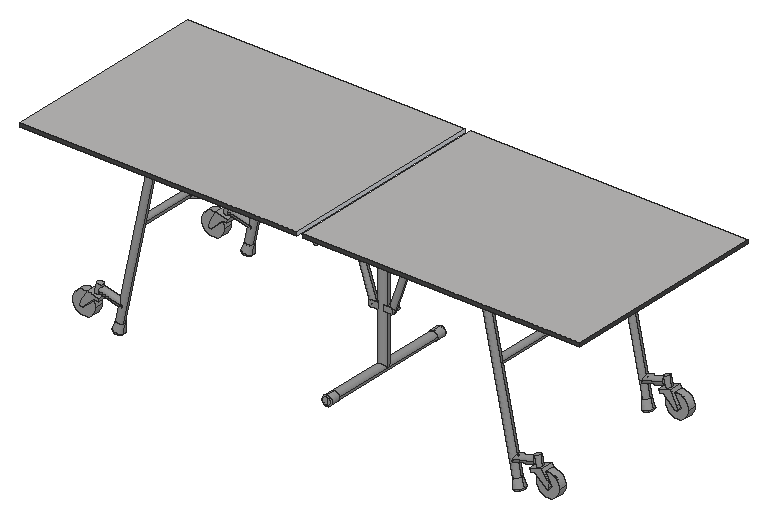
Revit family "23M Rect. 8 Long x 29 High", category Furniture, Revit 2016
Family settings
  OmniClass Number = 23.40.20.00
  OmniClass Title = General Furniture and Specialties
  Work Plane-Based = No
  Always vertical = Yes
  Cut with Voids When Loaded = No
  Shared = No
  Room Calculation Point = No
Parameters (values of type "23M15293608")
  Width = 3' - 0"
  Top [instance] = Palmer Hamilton Lt Gry
  Open [instance] = yes
  Model = "23M15293608"
  Length = 4' - 0"
  Frame [instance] = Palmer Hamilton - Frame
  Edge [instance] = Palmer Hamilton - Edge
  Closed [instance] = not(Open)  # no
Reference planes (in)
  plane 1 "Center Front/Back": y = 0
  plane 2: z = 0
  plane 3 "Center Left/Right": x = 0
  plane 4: x = -63.24988
Forms (in)
  Extrusion 1, solid, material "Palmer Hamilton - Frame" <- "Frame", visible <- "Open"
    sketch origin (0, 0, 0) x (1, 0, 0) y (0, 1, 0)
      loop
        line (-1, 14.5647) -> (-43.00013, 14.5647) -> (-43.00013, 14.4397) -> (-1, 14.4397) -> (-1, 14.5647)
      loop
        line (-1, -14.5647) -> (-1, -14.4397) -> (-43.00013, -14.4397) -> (-43.00013, -14.5647) -> (-1, -14.5647)
      loop
        line (-1, -2.9406) -> (-1, -2.8156) -> (-11.25, -2.8156) -> (-11.25, -2.9406) -> (-1, -2.9406)
      loop
        line (-11.25, 2.6994) -> (-11.25, 2.5744) -> (-1, 2.5744) -> (-1, 2.6994) -> (-11.25, 2.6994)
    from 26.71537 to 28.46537
  Extrusion 2, solid, material "Palmer Hamilton - Frame" <- "Frame", visible <- "Open"
    sketch origin (0, 0, 2.04753) x (1, 0, 0) y (0, 0, 1)
      loop
        line (-1, 25.71687) -> (-1, 26.41783) -> (-2.2141, 26.41783) -> (-2.2141, 24.66783) -> (-1.68301, 24.66783) -> (-0.3125, 23.87657)
        arc (-0.3125, 23.87657) -> (0.54127, 24.10533) -> (0.3125, 24.9591) r 0.625
        line (0.3125, 24.9591) -> (-1, 25.71687)
    from 14.5647 to 14.6547
  Extrusion 3, solid, material "Palmer Hamilton - Frame" <- "Frame", visible <- "Open"
    sketch origin (0, 0, 2.04753) x (1, 0, 0) y (0, 0, 1)
      loop
        line (-1, 25.71687) -> (-1, 26.41783) -> (-2.2141, 26.41783) -> (-2.2141, 24.66783) -> (-1.68301, 24.66783) -> (-0.3125, 23.87657)
        arc (-0.3125, 23.87657) -> (0.54127, 24.10533) -> (0.3125, 24.9591) r 0.625
        line (0.3125, 24.9591) -> (-1, 25.71687)
    from -14.4397 to -14.2345
  Extrusion 4, solid, material "Palmer Hamilton - Frame" <- "Frame", visible <- "Open"
    sketch origin (2.93129, -1.84334, -5.21086) x (0.97817, 0, -0.207805) y (0, 1, 0)
      loop
        circle (-37.61218, -11.99504) r 0.625
    from -0.86945 to 25.54283
  Extrusion 5, solid, material "Palmer Hamilton - Frame" <- "Frame", visible <- "Open"
    sketch origin (-2.24736, -1.84334, -7.59113) x (0.96853, 0, -0.248899) y (0, 1, 0)
      loop
        circle (-37.61218, -11.99504) r 0.5
    from 3.24005 to 4.80312
  Extrusion 6, solid, material "Palmer Hamilton - Frame" <- "Frame", visible <- "Open"
    sketch origin (5.20737, -1.84334, -8.39066) x (0, 1, 0) y (0.248899, 0, 0.96853)
      loop
        circle (-11.99504, 2.93123) r 0.625
    from -44.60154 to -40.56576
  Extrusion 7, solid, material "Palmer Hamilton - Steel", visible <- "Open"
    sketch origin (11.94809, 0, 0) x (1, 0, 0) y (0, 0, 1)
      loop
        line (-52.03289, 3.19045) -> (-52.13109, 2.60323)
        arc (-52.13109, 2.60323) -> (-52.09644, 2.45601) -> (-51.96719, 2.37748) r 0.19565
        line (-51.96719, 2.37748) -> (-51.66391, 2.3319) -> (-49.7575, 4.11073) -> (-49.03037, 4.04579) -> (-48.86921, 4.64752) -> (-50.88816, 5.18826) -> (-52.03289, 3.19045)
    from 12.75797 to 14.81873
  Extrusion 8, solid, material "Palmer Hamilton - Caster", visible <- "Open"
    sketch origin (11.94809, 0, 0) x (1, 0, 0) y (0, 0, 1)
      loop
        circle (-51.73769, 2.82768) r 2
    from 13.19373 to 14.44373
  Revolve 9, solid, material "Palmer Hamilton - Caster", visible <- "Open"
    sketch origin (11.52323, -13.81873, -0.02879) x (1, 0, 0) y (0, 0, 1)
      loop
        line (-45.5482, 1.78014) -> (-46.23778, 1.92672) -> (-46.75081, 0.51718)
        arc (-46.75081, 0.51718) -> (-46.74816, 0.39542) -> (-46.66395, 0.30744) r 0.16803
        line (-46.66395, 0.30744) -> (-45.89593, 0.14419) -> (-45.5482, 1.78014)
      axis (-45.5482, 1.78014) -> (-45.89593, 0.14419)
    angle from 0 to 360
  Extrusion 10, solid, material "Palmer Hamilton - Frame" <- "Frame", visible <- "Open"
    sketch origin (2.93129, 1.84334, -5.21086) x (0.97817, 0, -0.207805) y (0, 1, 0)
      loop
        circle (-37.61218, 11.99504) r 0.625
    from -0.86945 to 25.54283
  Extrusion 11, solid, material "Palmer Hamilton - Frame" <- "Frame", visible <- "Open"
    sketch origin (-2.24736, 1.84334, -7.59113) x (0.96853, 0, -0.248899) y (0, 1, 0)
      loop
        circle (-37.61218, 11.99504) r 0.5
    from 3.24005 to 4.80312
  Extrusion 12, solid, material "Palmer Hamilton - Frame" <- "Frame", visible <- "Open"
    sketch origin (5.20737, 1.84334, -8.39066) x (0, -1, 0) y (-0.248899, 0, -0.96853)
      loop
        circle (-11.99504, -2.93123) r 0.625
    from -44.60154 to -40.56576
  Extrusion 13, solid, material "Palmer Hamilton - Steel", visible <- "Open"
    sketch origin (11.94809, 0, 0) x (1, 0, 0) y (0, 0, -1)
      loop
        line (-52.03289, -3.19045) -> (-50.88816, -5.18826) -> (-48.86921, -4.64752) -> (-49.03037, -4.04579) -> (-49.7575, -4.11073) -> (-51.66391, -2.3319) -> (-51.96719, -2.37748)
        arc (-51.96719, -2.37748) -> (-52.09644, -2.45601) -> (-52.13109, -2.60323) r 0.19565
        line (-52.13109, -2.60323) -> (-52.03289, -3.19045)
    from 12.75797 to 14.81873
  Extrusion 14, solid, material "Palmer Hamilton - Caster", visible <- "Open"
    sketch origin (11.94809, 0, 0) x (1, 0, 0) y (0, 0, -1)
      loop
        circle (-51.73769, -2.82768) r 2
    from 13.19373 to 14.44373
  Revolve 15, solid, material "Palmer Hamilton - Caster", visible <- "Open"
    sketch origin (11.52323, 13.81873, -0.02879) x (1, 0, 0) y (0, 0, -1)
      loop
        line (-45.5482, -1.78014) -> (-45.89593, -0.14419) -> (-46.66395, -0.30744)
        arc (-46.66395, -0.30744) -> (-46.74816, -0.39542) -> (-46.75081, -0.51718) r 0.16803
        line (-46.75081, -0.51718) -> (-46.23778, -1.92672) -> (-45.5482, -1.78014)
      axis (-45.5482, -1.78014) -> (-45.89593, -0.14419)
    angle from 0 to 360
  Extrusion 16, solid, material "Palmer Hamilton - Frame" <- "Frame", visible <- "Open"
    sketch origin (11.94809, 0, 2.04753) x (1, 0, 0) y (0, 0, 1)
      loop
        circle (-42.48052, 16.22033) r 0.625
    from -13.80887 to 13.79175
  Extrusion 17, solid, material "Palmer Hamilton - Frame" <- "Frame", visible <- "Closed"
    sketch origin (0, 0, 18.03017) x (1, 0, 0) y (0, 0, 1)
      loop
        circle (0, 0.81533) r 0.75
    from -10.64625 to 10.58375
  Revolve 18, solid, material "Palmer Hamilton - Caster", visible <- "Closed"
    sketch origin (0, 0, 18.08844) x (0, 1, 0) y (0, 0, 1)
      loop
        arc (-12.1243, 1.60492) -> (-12.21555, 1.56995) -> (-12.25375, 1.48) r 0.125
        line (-12.25375, 1.48) -> (-12.25375, 0.77853) -> (-10.58375, 0.77853) -> (-10.58375, 1.55) -> (-12.1243, 1.60492)
      axis (-10.58375, 0.77853) -> (-12.25375, 0.77853)
    angle from 0 to 360
  Revolve 19, solid, material "Palmer Hamilton - Caster", visible <- "Closed"
    sketch origin (0, 0, 18.08844) x (0, -1, 0) y (0, 0, 1)
      loop
        arc (-12.1243, 1.60492) -> (-12.21555, 1.56995) -> (-12.25375, 1.48) r 0.125
        line (-12.25375, 1.48) -> (-12.25375, 0.77853) -> (-10.58375, 0.77853) -> (-10.58375, 1.55) -> (-12.1243, 1.60492)
      axis (-10.58375, 0.77853) -> (-12.25375, 0.77853)
    angle from 0 to 360
  Extrusion 20, solid, material "Palmer Hamilton - Frame" <- "Frame", visible <- "Open"
    sketch origin (0, 0, 0) x (1, 0, 0) y (0, 1, 0)
      loop
        circle (0, 0) r 0.75
    from 0.78805 to 24.66783
  Extrusion 21, solid, material "Palmer Hamilton - Frame" <- "Frame", visible <- "Closed"
    sketch origin (7.09297, 0, 22.27246) x (0.995141, 0, 0.098456) y (0, 1, 0)
      loop
        circle (-8.10904, 0) r 0.5
    from 6.40638 to 25.54283
  Extrusion 22, solid, material "Palmer Hamilton - Frame" <- "Frame", visible <- "Closed"
    sketch origin (0, 0, 20.13597) x (1, 0, 0) y (0, 0, 1)
      loop
        arc (-1.632, 8.5165) -> (-2.132, 8.0165) -> (-1.632, 7.5165) r 0.5
        line (-1.632, 7.5165) -> (1.632, 7.5165)
        arc (1.632, 7.5165) -> (2.132, 8.0165) -> (1.632, 8.5165) r 0.5
        line (1.632, 8.5165) -> (-1.632, 8.5165)
    from -0.69625 to 0.63375
  Extrusion 23, solid, material "Palmer Hamilton - Frame" <- "Frame", visible <- "Open"
    sketch origin (11.94809, 0, 2.04753) x (1, 0, 0) y (0, 0, 1)
      loop
        arc (-40.07379, 16.44822) -> (-39.75284, 17.07829) -> (-40.38291, 17.39924) r 0.5
        line (-40.38291, 17.39924) -> (-42.23788, 16.7963) -> (-41.9787, 15.82905) -> (-40.07379, 16.44822)
    from 2.89343 to 4.17468
  Sweep 24, solid, material "Palmer Hamilton - Frame" <- "Frame", visible <- "Open"
    path origin (0, -3.5, 2.04753) x (1, 0, 0) y (0, 0, 1)
      loop
        line (-28.55653, 16.82282) -> (-18.87242, 20.66197)
        arc (-18.87242, 20.66197) -> (-18.63769, 20.74394) -> (-18.39697, 20.8062) r 3
        line (-18.39697, 20.8062) -> (0.44697, 24.85469)
    profile origin (-23.71447, -3.5, 20.78993) x (-0.368535, 0, 0.929614) y (0, -1, 0)
      loop
        circle (0.00202, 0) r 0.5
  Extrusion 25, solid, material "Palmer Hamilton - Frame" <- "Frame", visible <- "Open"
    sketch origin (0, 0, 0) x (-1, 0, 0) y (0, -1, 0)
      loop
        circle (0, 0) r 0.75
    from 0.78805 to 24.66783
  Extrusion 26, solid, material "Palmer Hamilton - Frame" <- "Frame", visible <- "Closed"
    sketch origin (29.79093, -1.84334, 2.89408) x (1, 0, -0.000757) y (0, 1, 0)
      loop
        circle (-37.61218, -11.99504) r 0.625
    from -0.86945 to 25.54283
  Extrusion 27, solid, material "Palmer Hamilton - Frame" <- "Frame", visible <- "Closed"
    sketch origin (25.21738, -1.84334, -0.50692) x (0.999077, 0, -0.042956) y (0, 1, 0)
      loop
        circle (-37.61218, -11.99504) r 0.5
    from 3.24005 to 4.80312
  Extrusion 28, solid, material "Palmer Hamilton - Frame" <- "Frame", visible <- "Closed"
    sketch origin (32.67611, -1.84334, 0.25449) x (0, 1, 0) y (0.042956, 0, 0.999077)
      loop
        circle (-11.99504, 2.93123) r 0.625
    from -44.60154 to -40.56576
  Extrusion 29, solid, material "Palmer Hamilton - Steel", visible <- "Closed"
    sketch origin (37.53333, 0, 9.85907) x (0.978327, 0, 0.207064) y (-0.207064, 0, 0.978327)
      loop
        line (-52.03289, 3.19045) -> (-52.13109, 2.60323)
        arc (-52.13109, 2.60323) -> (-52.09644, 2.45601) -> (-51.96719, 2.37748) r 0.19565
        line (-51.96719, 2.37748) -> (-51.66391, 2.3319) -> (-49.7575, 4.11073) -> (-49.03037, 4.04579) -> (-48.86921, 4.64752) -> (-50.88816, 5.18826) -> (-52.03289, 3.19045)
    from 12.75797 to 14.81873
  Extrusion 30, solid, material "Palmer Hamilton - Caster", visible <- "Closed"
    sketch origin (37.53333, 0, 9.85907) x (0.978327, 0, 0.207064) y (-0.207064, 0, 0.978327)
      loop
        circle (-51.73769, 2.82768) r 2
    from 13.19373 to 14.44373
  Revolve 31, solid, material "Palmer Hamilton - Caster", visible <- "Closed"
    sketch origin (37.12364, -13.81873, 9.74293) x (0.978327, 0, 0.207064) y (-0.207064, 0, 0.978327)
      loop
        line (-45.5482, 1.78014) -> (-46.23778, 1.92672) -> (-46.75081, 0.51718)
        arc (-46.75081, 0.51718) -> (-46.74816, 0.39542) -> (-46.66395, 0.30744) r 0.16803
        line (-46.66395, 0.30744) -> (-45.89593, 0.14419) -> (-45.5482, 1.78014)
      axis (-45.5482, 1.78014) -> (-45.89593, 0.14419)
    angle from 0 to 360
  Extrusion 32, solid, material "Palmer Hamilton - Frame" <- "Frame", visible <- "Closed"
    sketch origin (29.79093, 1.84334, 2.89408) x (1, 0, -0.000757) y (0, 1, 0)
      loop
        circle (-37.61218, 11.99504) r 0.625
    from -0.86945 to 25.54283
  Extrusion 33, solid, material "Palmer Hamilton - Frame" <- "Frame", visible <- "Closed"
    sketch origin (25.21738, 1.84334, -0.50692) x (0.999077, 0, -0.042956) y (0, 1, 0)
      loop
        circle (-37.61218, 11.99504) r 0.5
    from 3.24005 to 4.80312
  Extrusion 34, solid, material "Palmer Hamilton - Frame" <- "Frame", visible <- "Closed"
    sketch origin (32.67611, 1.84334, 0.25449) x (0, -1, 0) y (-0.042956, 0, -0.999077)
      loop
        circle (-11.99504, -2.93123) r 0.625
    from -44.60154 to -40.56576
  Extrusion 35, solid, material "Palmer Hamilton - Steel", visible <- "Closed"
    sketch origin (37.53333, 0, 9.85907) x (0.978327, 0, 0.207064) y (0.207064, 0, -0.978327)
      loop
        line (-52.03289, -3.19045) -> (-50.88816, -5.18826) -> (-48.86921, -4.64752) -> (-49.03037, -4.04579) -> (-49.7575, -4.11073) -> (-51.66391, -2.3319) -> (-51.96719, -2.37748)
        arc (-51.96719, -2.37748) -> (-52.09644, -2.45601) -> (-52.13109, -2.60323) r 0.19565
        line (-52.13109, -2.60323) -> (-52.03289, -3.19045)
    from 12.75797 to 14.81873
  Extrusion 36, solid, material "Palmer Hamilton - Caster", visible <- "Closed"
    sketch origin (37.53333, 0, 9.85907) x (0.978327, 0, 0.207064) y (0.207064, 0, -0.978327)
      loop
        circle (-51.73769, -2.82768) r 2
    from 13.19373 to 14.44373
  Revolve 37, solid, material "Palmer Hamilton - Caster", visible <- "Closed"
    sketch origin (37.12364, 13.81873, 9.74293) x (0.978327, 0, 0.207064) y (0.207064, 0, -0.978327)
      loop
        line (-45.5482, -1.78014) -> (-45.89593, -0.14419) -> (-46.66395, -0.30744)
        arc (-46.66395, -0.30744) -> (-46.74816, -0.39542) -> (-46.75081, -0.51718) r 0.16803
        line (-46.75081, -0.51718) -> (-46.23778, -1.92672) -> (-45.5482, -1.78014)
      axis (-45.5482, -1.78014) -> (-45.89593, -0.14419)
    angle from 0 to 360
  Extrusion 38, solid, material "Palmer Hamilton - Frame" <- "Frame", visible <- "Closed"
    sketch origin (37.10936, 0, 11.86222) x (0.978327, 0, 0.207064) y (-0.207064, 0, 0.978327)
      loop
        circle (-42.48052, 16.22033) r 0.625
    from -13.80887 to 13.79175
  Extrusion 39, solid, material "Palmer Hamilton - Frame" <- "Frame", visible <- "Closed"
    sketch origin (37.10936, 0, 11.86222) x (0.978327, 0, 0.207064) y (-0.207064, 0, 0.978327)
      loop
        arc (-40.07379, 16.44822) -> (-39.75284, 17.07829) -> (-40.38291, 17.39924) r 0.5
        line (-40.38291, 17.39924) -> (-42.23788, 16.7963) -> (-41.9787, 15.82905) -> (-40.07379, 16.44822)
    from 2.89343 to 4.17468
  Sweep 40, solid, material "Palmer Hamilton - Frame" <- "Frame", visible <- "Closed"
    path origin (0, 0, 0) x (1, 0, 0) y (0, 0, 1)
      loop
        line (-5.79863, 19.74471) -> (-4.54144, 30.08591)
        arc (-4.54144, 30.08591) -> (-4.50123, 30.33128) -> (-4.44084, 30.57247) r 3
        line (-4.44084, 30.57247) -> (2.06513, 52.63312)
    profile origin (-5.17003, 0, 24.91531) x (-0.992691, 0, 0.120682) y (0, -1, 0)
      loop
        circle (0, 3.5) r 0.5
  Extrusion 41, solid, material "Palmer Hamilton - Frame" <- "Frame", visible <- "Open"
    sketch origin (0, 0, -0.06533) x (1, 0, 0) y (0, 0, 1)
      loop
        circle (0, 0.81533) r 0.75
    from -10.64625 to 10.58375
  Revolve 42, solid, material "Palmer Hamilton - Caster", visible <- "Open"
    sketch origin (0, 0, -0.00706) x (0, 1, 0) y (0, 0, 1)
      loop
        arc (-12.1243, 1.60492) -> (-12.21555, 1.56995) -> (-12.25375, 1.48) r 0.125
        line (-12.25375, 1.48) -> (-12.25375, 0.77853) -> (-10.58375, 0.77853) -> (-10.58375, 1.55) -> (-12.1243, 1.60492)
      axis (-10.58375, 0.77853) -> (-12.25375, 0.77853)
    angle from 0 to 360
  Revolve 43, solid, material "Palmer Hamilton - Caster", visible <- "Open"
    sketch origin (0, 0, -0.00706) x (0, -1, 0) y (0, 0, 1)
      loop
        arc (-12.1243, 1.60492) -> (-12.21555, 1.56995) -> (-12.25375, 1.48) r 0.125
        line (-12.25375, 1.48) -> (-12.25375, 0.77853) -> (-10.58375, 0.77853) -> (-10.58375, 1.55) -> (-12.1243, 1.60492)
      axis (-10.58375, 0.77853) -> (-12.25375, 0.77853)
    angle from 0 to 360
  Extrusion 44, solid, material "Palmer Hamilton - Frame" <- "Frame", visible <- "Closed"
    sketch origin (0, 0, 0) x (-1, 0, 0) y (0, -1, 0)
      loop
        circle (0, 0) r 0.75
    from 18.94425 to 56.25493
  Extrusion 45, solid, material "Palmer Hamilton - Frame" <- "Frame", visible <- "Open"
    sketch origin (8.19994, 0, 6.27486) x (0.948028, 0, 0.318187) y (0, 1, 0)
      loop
        circle (-8.10904, 0) r 0.5
    from 6.40638 to 25.54283
  Extrusion 46, solid, material "Palmer Hamilton - Frame" <- "Frame", visible <- "Open"
    sketch origin (0, 0, 2.04048) x (1, 0, 0) y (0, 0, 1)
      loop
        arc (-1.632, 8.5165) -> (-2.132, 8.0165) -> (-1.632, 7.5165) r 0.5
        line (-1.632, 7.5165) -> (1.632, 7.5165)
        arc (1.632, 7.5165) -> (2.132, 8.0165) -> (1.632, 8.5165) r 0.5
        line (1.632, 8.5165) -> (-1.632, 8.5165)
    from -0.69625 to 0.63375
  Extrusion 47, solid, visible <- "Open"
    sketch origin (0, 0, 0) x (1, 0, 0) y (0, 1, 0)
      loop
        line (-48, 18) -> (-48, -18) -> (-0.5, -18) -> (-0.5, 18) -> (-48, 18)
    from 28.46537 to 29.125
  Extrusion 48, solid, material "Palmer Hamilton - Frame" <- "Frame", visible <- "Closed"
    sketch origin (25.73601, 0, 49.40681) x (0.235142, 0, 0.971961) y (0, 1, 0)
      loop
        line (-1, 14.5647) -> (-43.00013, 14.5647) -> (-43.00013, 14.4397) -> (-1, 14.4397) -> (-1, 14.5647)
      loop
        line (-1, -14.5647) -> (-1, -14.4397) -> (-43.00013, -14.4397) -> (-43.00013, -14.5647) -> (-1, -14.5647)
      loop
        line (-1, -2.9406) -> (-1, -2.8156) -> (-11.25, -2.8156) -> (-11.25, -2.9406) -> (-1, -2.9406)
      loop
        line (-11.25, 2.6994) -> (-11.25, 2.5744) -> (-1, 2.5744) -> (-1, 2.6994) -> (-11.25, 2.6994)
    from 26.71537 to 28.46537
  Extrusion 49, solid, material "Palmer Hamilton - Frame" <- "Frame", visible <- "Closed"
    sketch origin (23.74589, 0, 49.88827) x (0.235142, 0, 0.971961) y (-0.971961, 0, 0.235142)
      loop
        line (-1, 25.71687) -> (-1, 26.41783) -> (-2.2141, 26.41783) -> (-2.2141, 24.66783) -> (-1.68301, 24.66783) -> (-0.3125, 23.87657)
        arc (-0.3125, 23.87657) -> (0.54127, 24.10533) -> (0.3125, 24.9591) r 0.625
        line (0.3125, 24.9591) -> (-1, 25.71687)
    from 14.5647 to 14.6547
  Extrusion 50, solid, material "Palmer Hamilton - Frame" <- "Frame", visible <- "Closed"
    sketch origin (23.74589, 0, 49.88827) x (0.235142, 0, 0.971961) y (-0.971961, 0, 0.235142)
      loop
        line (-1, 25.71687) -> (-1, 26.41783) -> (-2.2141, 26.41783) -> (-2.2141, 24.66783) -> (-1.68301, 24.66783) -> (-0.3125, 23.87657)
        arc (-0.3125, 23.87657) -> (0.54127, 24.10533) -> (0.3125, 24.9591) r 0.625
        line (0.3125, 24.9591) -> (-1, 25.71687)
    from -14.4397 to -14.2345
  Extrusion 51, solid, visible <- "Closed"
    sketch origin (25.73601, 0, 49.40681) x (0.235142, 0, 0.971961) y (0, 1, 0)
      loop
        line (-47, 18) -> (-47, -18) -> (-0.5, -18) -> (-0.5, 18) -> (-47, 18)
    from 28.46537 to 29.125
  Extrusion 52, solid, material "Palmer Hamilton - Frame" <- "Frame", visible <- "Open"
    sketch origin (0, 0, 0) x (-1, 0, 0) y (0, -1, 0)
      loop
        line (-1, 14.5647) -> (-43.00013, 14.5647) -> (-43.00013, 14.4397) -> (-1, 14.4397) -> (-1, 14.5647)
      loop
        line (-1, -14.5647) -> (-1, -14.4397) -> (-43.00013, -14.4397) -> (-43.00013, -14.5647) -> (-1, -14.5647)
      loop
        line (-1, -2.9406) -> (-1, -2.8156) -> (-11.25, -2.8156) -> (-11.25, -2.9406) -> (-1, -2.9406)
      loop
        line (-11.25, 2.6994) -> (-11.25, 2.5744) -> (-1, 2.5744) -> (-1, 2.6994) -> (-11.25, 2.6994)
    from 26.71537 to 28.46537
  Extrusion 53, solid, material "Palmer Hamilton - Frame" <- "Frame", visible <- "Open"
    sketch origin (0, 0, 2.04753) x (-1, 0, 0) y (0, 0, 1)
      loop
        line (-1, 25.71687) -> (-1, 26.41783) -> (-2.2141, 26.41783) -> (-2.2141, 24.66783) -> (-1.68301, 24.66783) -> (-0.3125, 23.87657)
        arc (-0.3125, 23.87657) -> (0.54127, 24.10533) -> (0.3125, 24.9591) r 0.625
        line (0.3125, 24.9591) -> (-1, 25.71687)
    from 14.5647 to 14.6547
  Extrusion 54, solid, material "Palmer Hamilton - Frame" <- "Frame", visible <- "Open"
    sketch origin (0, 0, 2.04753) x (-1, 0, 0) y (0, 0, 1)
      loop
        line (-1, 25.71687) -> (-1, 26.41783) -> (-2.2141, 26.41783) -> (-2.2141, 24.66783) -> (-1.68301, 24.66783) -> (-0.3125, 23.87657)
        arc (-0.3125, 23.87657) -> (0.54127, 24.10533) -> (0.3125, 24.9591) r 0.625
        line (0.3125, 24.9591) -> (-1, 25.71687)
    from -14.4397 to -14.2345
  Extrusion 55, solid, material "Palmer Hamilton - Frame" <- "Frame", visible <- "Open"
    sketch origin (-2.93129, 1.84334, -5.21086) x (-0.97817, 0, -0.207805) y (0, -1, 0)
      loop
        circle (-37.61218, -11.99504) r 0.625
    from -0.86945 to 25.54283
  Extrusion 56, solid, material "Palmer Hamilton - Frame" <- "Frame", visible <- "Open"
    sketch origin (2.24736, 1.84334, -7.59113) x (-0.96853, 0, -0.248899) y (0, -1, 0)
      loop
        circle (-37.61218, -11.99504) r 0.5
    from 3.24005 to 4.80312
  Extrusion 57, solid, material "Palmer Hamilton - Frame" <- "Frame", visible <- "Open"
    sketch origin (-5.20737, 1.84334, -8.39066) x (0, -1, 0) y (-0.248899, 0, 0.96853)
      loop
        circle (-11.99504, 2.93123) r 0.625
    from -44.60154 to -40.56576
  Extrusion 58, solid, material "Palmer Hamilton - Steel", visible <- "Open"
    sketch origin (-11.94809, 0, 0) x (-1, 0, 0) y (0, 0, 1)
      loop
        line (-52.03289, 3.19045) -> (-52.13109, 2.60323)
        arc (-52.13109, 2.60323) -> (-52.09644, 2.45601) -> (-51.96719, 2.37748) r 0.19565
        line (-51.96719, 2.37748) -> (-51.66391, 2.3319) -> (-49.7575, 4.11073) -> (-49.03037, 4.04579) -> (-48.86921, 4.64752) -> (-50.88816, 5.18826) -> (-52.03289, 3.19045)
    from 12.75797 to 14.81873
  Extrusion 59, solid, material "Palmer Hamilton - Caster", visible <- "Open"
    sketch origin (-11.94809, 0, 0) x (-1, 0, 0) y (0, 0, 1)
      loop
        circle (-51.73769, 2.82768) r 2
    from 13.19373 to 14.44373
  Revolve 60, solid, material "Palmer Hamilton - Caster", visible <- "Open"
    sketch origin (-11.52323, 13.81873, -0.02879) x (-1, 0, 0) y (0, 0, 1)
      loop
        line (-45.5482, 1.78014) -> (-46.23778, 1.92672) -> (-46.75081, 0.51718)
        arc (-46.75081, 0.51718) -> (-46.74816, 0.39542) -> (-46.66395, 0.30744) r 0.16803
        line (-46.66395, 0.30744) -> (-45.89593, 0.14419) -> (-45.5482, 1.78014)
      axis (-45.5482, 1.78014) -> (-45.89593, 0.14419)
    angle from 0 to 360
  Extrusion 61, solid, material "Palmer Hamilton - Frame" <- "Frame", visible <- "Open"
    sketch origin (-2.93129, -1.84334, -5.21086) x (-0.97817, 0, -0.207805) y (0, -1, 0)
      loop
        circle (-37.61218, 11.99504) r 0.625
    from -0.86945 to 25.54283
  Extrusion 62, solid, material "Palmer Hamilton - Frame" <- "Frame", visible <- "Open"
    sketch origin (2.24736, -1.84334, -7.59113) x (-0.96853, 0, -0.248899) y (0, -1, 0)
      loop
        circle (-37.61218, 11.99504) r 0.5
    from 3.24005 to 4.80312
  Extrusion 63, solid, material "Palmer Hamilton - Frame" <- "Frame", visible <- "Open"
    sketch origin (-5.20737, -1.84334, -8.39066) x (0, 1, 0) y (0.248899, 0, -0.96853)
      loop
        circle (-11.99504, -2.93123) r 0.625
    from -44.60154 to -40.56576
  Extrusion 64, solid, material "Palmer Hamilton - Steel", visible <- "Open"
    sketch origin (-11.94809, 0, 0) x (-1, 0, 0) y (0, 0, -1)
      loop
        line (-52.03289, -3.19045) -> (-50.88816, -5.18826) -> (-48.86921, -4.64752) -> (-49.03037, -4.04579) -> (-49.7575, -4.11073) -> (-51.66391, -2.3319) -> (-51.96719, -2.37748)
        arc (-51.96719, -2.37748) -> (-52.09644, -2.45601) -> (-52.13109, -2.60323) r 0.19565
        line (-52.13109, -2.60323) -> (-52.03289, -3.19045)
    from 12.75797 to 14.81873
  Extrusion 65, solid, material "Palmer Hamilton - Caster", visible <- "Open"
    sketch origin (-11.94809, 0, 0) x (-1, 0, 0) y (0, 0, -1)
      loop
        circle (-51.73769, -2.82768) r 2
    from 13.19373 to 14.44373
  Revolve 66, solid, material "Palmer Hamilton - Caster", visible <- "Open"
    sketch origin (-11.52323, -13.81873, -0.02879) x (-1, 0, 0) y (0, 0, -1)
      loop
        line (-45.5482, -1.78014) -> (-45.89593, -0.14419) -> (-46.66395, -0.30744)
        arc (-46.66395, -0.30744) -> (-46.74816, -0.39542) -> (-46.75081, -0.51718) r 0.16803
        line (-46.75081, -0.51718) -> (-46.23778, -1.92672) -> (-45.5482, -1.78014)
      axis (-45.5482, -1.78014) -> (-45.89593, -0.14419)
    angle from 0 to 360
  Extrusion 67, solid, material "Palmer Hamilton - Frame" <- "Frame", visible <- "Open"
    sketch origin (-11.94809, 0, 2.04753) x (-1, 0, 0) y (0, 0, 1)
      loop
        circle (-42.48052, 16.22033) r 0.625
    from -13.80887 to 13.79175
  Extrusion 68, solid, material "Palmer Hamilton - Frame" <- "Frame", visible <- "Closed"
    sketch origin (-7.09297, 0, 22.27246) x (-0.995141, 0, 0.098456) y (0, -1, 0)
      loop
        circle (-8.10904, 0) r 0.5
    from 6.40638 to 25.54283
  Extrusion 69, solid, material "Palmer Hamilton - Frame" <- "Frame", visible <- "Open"
    sketch origin (-11.94809, 0, 2.04753) x (-1, 0, 0) y (0, 0, 1)
      loop
        arc (-40.07379, 16.44822) -> (-39.75284, 17.07829) -> (-40.38291, 17.39924) r 0.5
        line (-40.38291, 17.39924) -> (-42.23788, 16.7963) -> (-41.9787, 15.82905) -> (-40.07379, 16.44822)
    from 2.89343 to 4.17468
  Sweep 70, solid, material "Palmer Hamilton - Frame" <- "Frame", visible <- "Open"
    path origin (0, 3.5, 2.04753) x (-1, 0, 0) y (0, 0, 1)
      loop
        line (-28.55653, 16.82282) -> (-18.87242, 20.66197)
        arc (-18.87242, 20.66197) -> (-18.63769, 20.74394) -> (-18.39697, 20.8062) r 3
        line (-18.39697, 20.8062) -> (0.44697, 24.85469)
    profile origin (23.71447, 3.5, 20.78993) x (0.368535, 0, 0.929614) y (0, 1, 0)
      loop
        circle (0.00202, 0) r 0.5
  Extrusion 71, solid, material "Palmer Hamilton - Frame" <- "Frame", visible <- "Closed"
    sketch origin (-29.79093, 1.84334, 2.89408) x (-1, 0, -0.000757) y (0, -1, 0)
      loop
        circle (-37.61218, -11.99504) r 0.625
    from -0.86945 to 25.54283
  Extrusion 72, solid, material "Palmer Hamilton - Frame" <- "Frame", visible <- "Closed"
    sketch origin (-25.21738, 1.84334, -0.50692) x (-0.999077, 0, -0.042956) y (0, -1, 0)
      loop
        circle (-37.61218, -11.99504) r 0.5
    from 3.24005 to 4.80312
  Extrusion 73, solid, material "Palmer Hamilton - Frame" <- "Frame", visible <- "Closed"
    sketch origin (-32.67611, 1.84334, 0.25449) x (0, -1, 0) y (-0.042956, 0, 0.999077)
      loop
        circle (-11.99504, 2.93123) r 0.625
    from -44.60154 to -40.56576
  Extrusion 74, solid, material "Palmer Hamilton - Steel", visible <- "Closed"
    sketch origin (-37.53333, 0, 9.85907) x (-0.978327, 0, 0.207064) y (0.207064, 0, 0.978327)
      loop
        line (-52.03289, 3.19045) -> (-52.13109, 2.60323)
        arc (-52.13109, 2.60323) -> (-52.09644, 2.45601) -> (-51.96719, 2.37748) r 0.19565
        line (-51.96719, 2.37748) -> (-51.66391, 2.3319) -> (-49.7575, 4.11073) -> (-49.03037, 4.04579) -> (-48.86921, 4.64752) -> (-50.88816, 5.18826) -> (-52.03289, 3.19045)
    from 12.75797 to 14.81873
  Extrusion 75, solid, material "Palmer Hamilton - Caster", visible <- "Closed"
    sketch origin (-37.53333, 0, 9.85907) x (-0.978327, 0, 0.207064) y (0.207064, 0, 0.978327)
      loop
        circle (-51.73769, 2.82768) r 2
    from 13.19373 to 14.44373
  Revolve 76, solid, material "Palmer Hamilton - Caster", visible <- "Closed"
    sketch origin (-37.12364, 13.81873, 9.74293) x (-0.978327, 0, 0.207064) y (0.207064, 0, 0.978327)
      loop
        line (-45.5482, 1.78014) -> (-46.23778, 1.92672) -> (-46.75081, 0.51718)
        arc (-46.75081, 0.51718) -> (-46.74816, 0.39542) -> (-46.66395, 0.30744) r 0.16803
        line (-46.66395, 0.30744) -> (-45.89593, 0.14419) -> (-45.5482, 1.78014)
      axis (-45.5482, 1.78014) -> (-45.89593, 0.14419)
    angle from 0 to 360
  Extrusion 77, solid, material "Palmer Hamilton - Frame" <- "Frame", visible <- "Closed"
    sketch origin (-29.79093, -1.84334, 2.89408) x (-1, 0, -0.000757) y (0, -1, 0)
      loop
        circle (-37.61218, 11.99504) r 0.625
    from -0.86945 to 25.54283
  Extrusion 78, solid, material "Palmer Hamilton - Frame" <- "Frame", visible <- "Closed"
    sketch origin (-25.21738, -1.84334, -0.50692) x (-0.999077, 0, -0.042956) y (0, -1, 0)
      loop
        circle (-37.61218, 11.99504) r 0.5
    from 3.24005 to 4.80312
  Extrusion 79, solid, material "Palmer Hamilton - Frame" <- "Frame", visible <- "Closed"
    sketch origin (-32.67611, -1.84334, 0.25449) x (0, 1, 0) y (0.042956, 0, -0.999077)
      loop
        circle (-11.99504, -2.93123) r 0.625
    from -44.60154 to -40.56576
  Extrusion 80, solid, material "Palmer Hamilton - Steel", visible <- "Closed"
    sketch origin (-37.53333, 0, 9.85907) x (-0.978327, 0, 0.207064) y (-0.207064, 0, -0.978327)
      loop
        line (-52.03289, -3.19045) -> (-50.88816, -5.18826) -> (-48.86921, -4.64752) -> (-49.03037, -4.04579) -> (-49.7575, -4.11073) -> (-51.66391, -2.3319) -> (-51.96719, -2.37748)
        arc (-51.96719, -2.37748) -> (-52.09644, -2.45601) -> (-52.13109, -2.60323) r 0.19565
        line (-52.13109, -2.60323) -> (-52.03289, -3.19045)
    from 12.75797 to 14.81873
  Extrusion 81, solid, material "Palmer Hamilton - Caster", visible <- "Closed"
    sketch origin (-37.53333, 0, 9.85907) x (-0.978327, 0, 0.207064) y (-0.207064, 0, -0.978327)
      loop
        circle (-51.73769, -2.82768) r 2
    from 13.19373 to 14.44373
  Revolve 82, solid, material "Palmer Hamilton - Caster", visible <- "Closed"
    sketch origin (-37.12364, -13.81873, 9.74293) x (-0.978327, 0, 0.207064) y (-0.207064, 0, -0.978327)
      loop
        line (-45.5482, -1.78014) -> (-45.89593, -0.14419) -> (-46.66395, -0.30744)
        arc (-46.66395, -0.30744) -> (-46.74816, -0.39542) -> (-46.75081, -0.51718) r 0.16803
        line (-46.75081, -0.51718) -> (-46.23778, -1.92672) -> (-45.5482, -1.78014)
      axis (-45.5482, -1.78014) -> (-45.89593, -0.14419)
    angle from 0 to 360
  Extrusion 83, solid, material "Palmer Hamilton - Frame" <- "Frame", visible <- "Closed"
    sketch origin (-37.10936, 0, 11.86222) x (-0.978327, 0, 0.207064) y (0.207064, 0, 0.978327)
      loop
        circle (-42.48052, 16.22033) r 0.625
    from -13.80887 to 13.79175
  Extrusion 84, solid, material "Palmer Hamilton - Frame" <- "Frame", visible <- "Closed"
    sketch origin (-37.10936, 0, 11.86222) x (-0.978327, 0, 0.207064) y (0.207064, 0, 0.978327)
      loop
        arc (-40.07379, 16.44822) -> (-39.75284, 17.07829) -> (-40.38291, 17.39924) r 0.5
        line (-40.38291, 17.39924) -> (-42.23788, 16.7963) -> (-41.9787, 15.82905) -> (-40.07379, 16.44822)
    from 2.89343 to 4.17468
  Extrusion 85, solid, material "Palmer Hamilton - Frame" <- "Frame", visible <- "Open"
    sketch origin (-8.19994, 0, 6.27486) x (-0.948028, 0, 0.318187) y (0, -1, 0)
      loop
        circle (-8.10904, 0) r 0.5
    from 6.40638 to 25.54283
  Extrusion 86, solid, visible <- "Open"
    sketch origin (0, 0, 0) x (-1, 0, 0) y (0, -1, 0)
      loop
        line (-48, 18) -> (-48, -18) -> (-0.5, -18) -> (-0.5, 18) -> (-48, 18)
    from 28.46537 to 29.125
  Extrusion 87, solid, material "Palmer Hamilton - Frame" <- "Frame", visible <- "Closed"
    sketch origin (-25.73601, 0, 49.40681) x (-0.235142, 0, 0.971961) y (0, -1, 0)
      loop
        line (-1, 14.5647) -> (-43.00013, 14.5647) -> (-43.00013, 14.4397) -> (-1, 14.4397) -> (-1, 14.5647)
      loop
        line (-1, -14.5647) -> (-1, -14.4397) -> (-43.00013, -14.4397) -> (-43.00013, -14.5647) -> (-1, -14.5647)
      loop
        line (-1, -2.9406) -> (-1, -2.8156) -> (-11.25, -2.8156) -> (-11.25, -2.9406) -> (-1, -2.9406)
      loop
        line (-11.25, 2.6994) -> (-11.25, 2.5744) -> (-1, 2.5744) -> (-1, 2.6994) -> (-11.25, 2.6994)
    from 26.71537 to 28.46537
  Extrusion 88, solid, material "Palmer Hamilton - Frame" <- "Frame", visible <- "Closed"
    sketch origin (-23.74589, 0, 49.88827) x (-0.235142, 0, 0.971961) y (0.971961, 0, 0.235142)
      loop
        line (-1, 25.71687) -> (-1, 26.41783) -> (-2.2141, 26.41783) -> (-2.2141, 24.66783) -> (-1.68301, 24.66783) -> (-0.3125, 23.87657)
        arc (-0.3125, 23.87657) -> (0.54127, 24.10533) -> (0.3125, 24.9591) r 0.625
        line (0.3125, 24.9591) -> (-1, 25.71687)
    from 14.5647 to 14.6547
  Extrusion 89, solid, material "Palmer Hamilton - Frame" <- "Frame", visible <- "Closed"
    sketch origin (-23.74589, 0, 49.88827) x (-0.235142, 0, 0.971961) y (0.971961, 0, 0.235142)
      loop
        line (-1, 25.71687) -> (-1, 26.41783) -> (-2.2141, 26.41783) -> (-2.2141, 24.66783) -> (-1.68301, 24.66783) -> (-0.3125, 23.87657)
        arc (-0.3125, 23.87657) -> (0.54127, 24.10533) -> (0.3125, 24.9591) r 0.625
        line (0.3125, 24.9591) -> (-1, 25.71687)
    from -14.4397 to -14.2345
  Extrusion 90, solid, visible <- "Closed"
    sketch origin (-25.73601, 0, 49.40681) x (-0.235142, 0, 0.971961) y (0, -1, 0)
      loop
        line (-47, 18) -> (-47, -18) -> (-0.5, -18) -> (-0.5, 18) -> (-47, 18)
    from 28.46537 to 29.125
Lines and regions (in)
  reference lines
    curve 1: line (-10.88254, 0, -14.61774) -> (-10.35088, 0, -14.74636)
    curve 2: line (-10.35088, 0, -14.74636) -> (-10.5524, 0, -14.41622)
    curve 3: line (-10.5524, 0, -14.41622) -> (-10.68102, 0, -14.94788)
Dimensions and locks (in)
  equal spacing: Extrusion 47 sketch curve, plane 1 "Center Front/Back", Extrusion 47 sketch curve
  "Width": Extrusion 47 sketch curve to Extrusion 47 sketch curve
  "Length": Extrusion 47 sketch curve to plane 3 "Center Left/Right"
  Extrusion 51 sketch curve to Extrusion 51 sketch curve = 3' - 0"
  "Width": Extrusion 51 sketch curve to Extrusion 51 sketch curve
  equal spacing: Extrusion 51 sketch curve, plane 1 "Center Front/Back", Extrusion 51 sketch curve
  "Width": Extrusion 86 sketch curve to Extrusion 86 sketch curve
  "Width": Extrusion 90 sketch curve to Extrusion 90 sketch curve
  equal spacing: Extrusion 86 sketch curve, plane 1 "Center Front/Back", Extrusion 86 sketch curve
  "Length": plane 3 "Center Left/Right" to Extrusion 86 sketch curve
  equal spacing: Extrusion 90 sketch curve, plane 1 "Center Front/Back", Extrusion 90 sketch curve
  aligned and locked: level to plane 2
  aligned and locked: Extrusion 47 to Extrusion 1
  aligned and locked: Extrusion 51 to Extrusion 48
  aligned and locked: Extrusion 86 to Extrusion 52
  aligned and locked: Extrusion 87 to Extrusion 90
Automatic sketch dimensions
  plane 4 to Extrusion 1 sketch curve = 1' - 8.24975"  (x2)
  plane 1 "Center Front/Back" to Extrusion 1 sketch curve = 0' - 2.8156"
  Extrusion 1 sketch curve to plane 3 "Center Left/Right" = 0' - 11 1/4"
  Extrusion 1 sketch curve to plane 1 "Center Front/Back" = 0' - 2.6994"
  Extrusion 1 sketch curve to Extrusion 1 sketch curve = 0' - 0"
  Extrusion 1 sketch curve to plane 3 "Center Left/Right" = 0' - 1"  (x4)
  Extrusion 1 sketch curve to Extrusion 1 sketch curve = 0' - 0 1/8"  (x4)
  plane 1 "Center Front/Back" to Extrusion 1 sketch curve = 1' - 2.4397"
  Extrusion 1 sketch curve to Extrusion 1 sketch curve = 0' - 11.7403"
  Extrusion 2 sketch curve to plane 3 "Center Left/Right" = 0' - 0"
  Extrusion 2 sketch curve to plane 3 "Center Left/Right" = 0' - 0 5/16"
  Extrusion 2 sketch curve to plane 3 "Center Left/Right" = 0' - 1"
  Extrusion 2 sketch curve to Extrusion 2 sketch curve = 0' - 0.68301"
  Extrusion 2 sketch curve to Extrusion 2 sketch curve = 0' - 1.2141"
  plane 3 "Center Left/Right" to Extrusion 2 sketch curve = 0' - 0 5/16"
  level to Extrusion 2 sketch curve = 2' - 1.9241"
  Extrusion 2 sketch curve to Extrusion 2 sketch curve = 0' - 0.54127"
  Extrusion 2 sketch curve to Extrusion 2 sketch curve = 0' - 0.79127"
  Extrusion 2 sketch curve to Extrusion 2 sketch curve = 0' - 1.04904"
  Extrusion 2 sketch curve to Extrusion 2 sketch curve = 0' - 0.70096"
  Extrusion 3 sketch curve to plane 3 "Center Left/Right" = 0' - 0"
  Extrusion 3 sketch curve to plane 3 "Center Left/Right" = 0' - 0 5/16"
  Extrusion 3 sketch curve to plane 3 "Center Left/Right" = 0' - 1"
  Extrusion 3 sketch curve to Extrusion 3 sketch curve = 0' - 0.68301"
  Extrusion 3 sketch curve to Extrusion 3 sketch curve = 0' - 1.2141"
  plane 3 "Center Left/Right" to Extrusion 3 sketch curve = 0' - 0 5/16"
  level to Extrusion 3 sketch curve = 2' - 1.9241"
  Extrusion 3 sketch curve to Extrusion 3 sketch curve = 0' - 0.54127"
  Extrusion 3 sketch curve to Extrusion 3 sketch curve = 0' - 0.79127"
  Extrusion 3 sketch curve to Extrusion 3 sketch curve = 0' - 1.04904"
  Extrusion 3 sketch curve to Extrusion 3 sketch curve = 0' - 0.70096"
  curve 2 to plane 3 "Center Left/Right" = 0' - 10.5524"
  curve 2 to curve 2 = 0' - 0.20152"
  curve 2 to level = 1' - 2.74636"
  curve 1 to curve 3 = 0' - 0.33014"
  curve 3 to curve 1 = 0' - 0.33014"  (x2)
  curve 1 to curve 3 = 0' - 0.20152"
  curve 3 to curve 1 = 0' - 0.20152"
  plane 1 "Center Front/Back" to Extrusion 4 sketch curve = 1' - 1.83838"
  plane 1 "Center Front/Back" to Extrusion 5 sketch curve = 1' - 1.83838"
  plane 1 "Center Front/Back" to Extrusion 6 sketch curve = 1' - 1.83838"
  level to Extrusion 7 sketch curve = 0' - 2.60323"
  plane 4 to Extrusion 7 sketch curve = 1' - 11.06688"
  level to Extrusion 7 sketch curve = 0' - 3.19045"
  Extrusion 7 sketch curve to Extrusion 7 sketch curve = 0' - 0.0982"
  level to Extrusion 7 sketch curve = 0' - 2.37748"
  Extrusion 7 sketch curve to Extrusion 7 sketch curve = 0' - 0.1639"
  Extrusion 7 sketch curve to Extrusion 7 sketch curve = 0' - 0.19297"
  level to Extrusion 7 sketch curve = 0' - 2.3319"
  Extrusion 7 sketch curve to Extrusion 7 sketch curve = 0' - 0.30329"
  level to Extrusion 7 sketch curve = 0' - 5.18826"
  Extrusion 7 sketch curve to Extrusion 7 sketch curve = 0' - 1.14473"
  level to Extrusion 7 sketch curve = 0' - 4.11073"
  Extrusion 7 sketch curve to Extrusion 7 sketch curve = 0' - 1.13066"
  level to Extrusion 7 sketch curve = 0' - 4.04579"
  Extrusion 7 sketch curve to Extrusion 7 sketch curve = 0' - 0.72713"
  level to Extrusion 7 sketch curve = 0' - 4.64752"
  level to Extrusion 8 sketch curve = 0' - 2.82768"
  plane 4 to Extrusion 8 sketch curve = 1' - 11.46028"
  level to Revolve 9 sketch curve = 0' - 0.48839"
  plane 4 to Revolve 9 sketch curve = 2' - 4.0223"
  level to Revolve 9 sketch curve = 0' - 0.27865"
  Revolve 9 sketch curve to Revolve 9 sketch curve = 0' - 0.08686"
  Revolve 9 sketch curve to Revolve 9 sketch curve = 0' - 0.15789"
  level to Revolve 9 sketch curve = 0' - 1.89793"
  Revolve 9 sketch curve to Revolve 9 sketch curve = 0' - 0.51303"
  level to Revolve 9 sketch curve = 0' - 0.1154"  (x2)
  Revolve 9 sketch curve to Revolve 9 sketch curve = 0' - 0.69699"
  Revolve 9 sketch curve to Revolve 9 sketch curve = 0' - 0"  (x2)
  level to Revolve 9 sketch curve = 0' - 1.75135"
  Extrusion 10 sketch curve to plane 1 "Center Front/Back" = 1' - 1.83838"
  Extrusion 11 sketch curve to plane 1 "Center Front/Back" = 1' - 1.83838"
  Extrusion 12 sketch curve to plane 1 "Center Front/Back" = 1' - 1.83838"
  level to Extrusion 13 sketch curve = 0' - 2.60323"
  plane 4 to Extrusion 13 sketch curve = 1' - 11.06688"
  level to Extrusion 13 sketch curve = 0' - 3.19045"
  Extrusion 13 sketch curve to Extrusion 13 sketch curve = 0' - 0.0982"
  level to Extrusion 13 sketch curve = 0' - 2.37748"
  Extrusion 13 sketch curve to Extrusion 13 sketch curve = 0' - 0.1639"
  Extrusion 13 sketch curve to Extrusion 13 sketch curve = 0' - 0.19297"
  level to Extrusion 13 sketch curve = 0' - 2.3319"
  Extrusion 13 sketch curve to Extrusion 13 sketch curve = 0' - 0.30329"
  level to Extrusion 13 sketch curve = 0' - 5.18826"
  Extrusion 13 sketch curve to Extrusion 13 sketch curve = 0' - 1.14473"
  level to Extrusion 13 sketch curve = 0' - 4.11073"
  Extrusion 13 sketch curve to Extrusion 13 sketch curve = 0' - 1.13066"
  level to Extrusion 13 sketch curve = 0' - 4.04579"
  Extrusion 13 sketch curve to Extrusion 13 sketch curve = 0' - 0.72713"
  level to Extrusion 13 sketch curve = 0' - 4.64752"
  level to Extrusion 14 sketch curve = 0' - 2.82768"
  plane 4 to Extrusion 14 sketch curve = 1' - 11.46028"
  level to Revolve 15 sketch curve = 0' - 0.48839"
  plane 4 to Revolve 15 sketch curve = 2' - 4.0223"
  level to Revolve 15 sketch curve = 0' - 0.27865"
  Revolve 15 sketch curve to Revolve 15 sketch curve = 0' - 0.08686"
  Revolve 15 sketch curve to Revolve 15 sketch curve = 0' - 0.15789"
  level to Revolve 15 sketch curve = 0' - 1.89793"
  Revolve 15 sketch curve to Revolve 15 sketch curve = 0' - 0.51303"
  level to Revolve 15 sketch curve = 0' - 0.1154"  (x2)
  Revolve 15 sketch curve to Revolve 15 sketch curve = 0' - 0.69699"
  Revolve 15 sketch curve to Revolve 15 sketch curve = 0' - 0"  (x2)
  level to Revolve 15 sketch curve = 0' - 1.75135"
  Extrusion 16 sketch curve to plane 3 "Center Left/Right" = 2' - 6.53243"
  level to Extrusion 16 sketch curve = 1' - 6.26786"
  Extrusion 17 sketch curve to plane 3 "Center Left/Right" = 0' - 0"
  level to Extrusion 17 sketch curve = 1' - 6.84549"
  plane 1 "Center Front/Back" to Revolve 18 sketch curve = 1' - 0.25375"
  Revolve 18 sketch curve to Revolve 18 sketch curve = 0' - 0 1/8"
  Revolve 18 sketch curve to Revolve 18 sketch curve = 0' - 0.00445"
  Revolve 18 sketch curve to Revolve 18 sketch curve = 0' - 1.67"
  level to Revolve 18 sketch curve = 1' - 6.86697"
  Revolve 18 sketch curve to Revolve 18 sketch curve = 0' - 0.70147"
  Revolve 18 sketch curve to Revolve 18 sketch curve = 0' - 0.77147"
  Revolve 18 sketch curve to Revolve 18 sketch curve = 0' - 0"  (x3)
  plane 1 "Center Front/Back" to Revolve 19 sketch curve = 1' - 0.25375"
  Revolve 19 sketch curve to Revolve 19 sketch curve = 0' - 0 1/8"
  Revolve 19 sketch curve to Revolve 19 sketch curve = 0' - 0.00445"
  Revolve 19 sketch curve to Revolve 19 sketch curve = 0' - 1.67"
  Revolve 19 sketch curve to level = 1' - 6.86697"
  Revolve 19 sketch curve to Revolve 19 sketch curve = 0' - 0.70147"
  Revolve 19 sketch curve to Revolve 19 sketch curve = 0' - 0.77147"
  Revolve 19 sketch curve to Revolve 19 sketch curve = 0' - 0"  (x3)
  plane 1 "Center Front/Back" to Extrusion 20 sketch curve = 0' - 0"
  Extrusion 20 sketch curve to plane 3 "Center Left/Right" = 0' - 0"
  plane 1 "Center Front/Back" to Extrusion 21 sketch curve = 0' - 0"
  Extrusion 22 sketch curve to plane 3 "Center Left/Right" = 0' - 1.632"
  plane 3 "Center Left/Right" to Extrusion 22 sketch curve = 0' - 1.632"
  level to Extrusion 22 sketch curve = 2' - 3.65247"
  Extrusion 22 sketch curve to Extrusion 22 sketch curve = 0' - 0 1/2"
  Extrusion 23 sketch curve to plane 3 "Center Left/Right" = 2' - 6.28978"
  Extrusion 23 sketch curve to Extrusion 23 sketch curve = 0' - 0.25918"
  Extrusion 23 sketch curve to Extrusion 23 sketch curve = 0' - 1.85497"
  Extrusion 23 sketch curve to Extrusion 23 sketch curve = 0' - 0.15456"  (x2)
  level to Extrusion 23 sketch curve = 1' - 5.87658"
  Extrusion 23 sketch curve to Extrusion 23 sketch curve = 0' - 0.61917"
  Extrusion 23 sketch curve to Extrusion 23 sketch curve = 0' - 0.96726"
  Extrusion 23 sketch curve to Extrusion 23 sketch curve = 0' - 0.47551"
  Sweep 24 sketch curve to plane 3 "Center Left/Right" = 1' - 6.87242"
  Sweep 24 sketch curve to Sweep 24 sketch curve = 0' - 0.47545"
  Sweep 24 sketch curve to Sweep 24 sketch curve = 0' - 0.63015"
  level to Sweep 24 sketch curve = 1' - 7.92066"
  Sweep 24 sketch curve to Sweep 24 sketch curve = 0' - 2.78884"
  Sweep 24 sketch curve to Sweep 24 sketch curve = 0' - 9.6841"
  plane 3 "Center Left/Right" to Sweep 24 sketch curve = 0' - 0.44697"
  Sweep 24 sketch curve to Sweep 24 sketch curve = 0' - 3.83915"
  Sweep 24 sketch curve to Sweep 24 sketch curve = 0' - 4.04849"
  profile plane to Sweep 24 sketch curve = 0' - 0"
  Sweep 24 sketch curve to profile plane = 0' - 0.00202"
  plane 1 "Center Front/Back" to Extrusion 25 sketch curve = 0' - 0"
  Extrusion 25 sketch curve to plane 3 "Center Left/Right" = 0' - 0"
  plane 1 "Center Front/Back" to Extrusion 26 sketch curve = 1' - 1.83838"
  plane 1 "Center Front/Back" to Extrusion 27 sketch curve = 1' - 1.83838"
  plane 1 "Center Front/Back" to Extrusion 28 sketch curve = 1' - 1.83838"
  level to Extrusion 29 sketch curve = 0' - 1.61138"
  Extrusion 29 sketch curve to plane 3 "Center Left/Right" = 1' - 2.00698"
  Extrusion 29 sketch curve to Extrusion 29 sketch curve = 0' - 0.0982"
  Extrusion 29 sketch curve to Extrusion 29 sketch curve = 0' - 0.1639"
  Extrusion 29 sketch curve to Extrusion 29 sketch curve = 0' - 0.19297"
  Extrusion 29 sketch curve to Extrusion 29 sketch curve = 0' - 0.30329"
  Extrusion 29 sketch curve to Extrusion 29 sketch curve = 0' - 1.14473"
  Extrusion 29 sketch curve to Extrusion 29 sketch curve = 0' - 1.13066"
  Extrusion 29 sketch curve to Extrusion 29 sketch curve = 0' - 0.72713"
  Extrusion 29 sketch curve to Extrusion 29 sketch curve = 0' - 0.16116"
  Extrusion 29 sketch curve to Extrusion 29 sketch curve = 0' - 0.03227"
  Extrusion 29 sketch curve to Extrusion 29 sketch curve = 0' - 0.04557"
  Extrusion 29 sketch curve to Extrusion 29 sketch curve = 0' - 0.58722"
  Extrusion 29 sketch curve to Extrusion 29 sketch curve = 0' - 0.85534"
  Extrusion 29 sketch curve to Extrusion 29 sketch curve = 0' - 0.06493"
  Extrusion 29 sketch curve to Extrusion 29 sketch curve = 0' - 0.60173"
  level to Extrusion 30 sketch curve = 0' - 1.91242"
  Extrusion 30 sketch curve to plane 3 "Center Left/Right" = 1' - 1.66857"
  level to Revolve 31 sketch curve = 0' - 0.56847"
  Revolve 31 sketch curve to plane 3 "Center Left/Right" = 0' - 8.72105"
  Revolve 31 sketch curve to Revolve 31 sketch curve = 0' - 0.08686"
  Revolve 31 sketch curve to Revolve 31 sketch curve = 0' - 0.07104"
  Revolve 31 sketch curve to Revolve 31 sketch curve = 0' - 0.51303"
  Revolve 31 sketch curve to Revolve 31 sketch curve = 0' - 0.69699"
  Revolve 31 sketch curve to Revolve 31 sketch curve = 0' - 0.68958"
  Revolve 31 sketch curve to Revolve 31 sketch curve = 0' - 0.05747"
  Revolve 31 sketch curve to Revolve 31 sketch curve = 0' - 0.31552"
  Revolve 31 sketch curve to Revolve 31 sketch curve = 0' - 0"  (x4)
  Extrusion 32 sketch curve to plane 1 "Center Front/Back" = 1' - 1.83838"
  Extrusion 33 sketch curve to plane 1 "Center Front/Back" = 1' - 1.83838"
  Extrusion 34 sketch curve to plane 1 "Center Front/Back" = 1' - 1.83838"
  level to Extrusion 35 sketch curve = 0' - 1.61138"
  Extrusion 35 sketch curve to plane 3 "Center Left/Right" = 1' - 2.00698"
  Extrusion 35 sketch curve to Extrusion 35 sketch curve = 0' - 0.0982"
  Extrusion 35 sketch curve to Extrusion 35 sketch curve = 0' - 0.1639"
  Extrusion 35 sketch curve to Extrusion 35 sketch curve = 0' - 0.19297"
  Extrusion 35 sketch curve to Extrusion 35 sketch curve = 0' - 0.30329"
  Extrusion 35 sketch curve to Extrusion 35 sketch curve = 0' - 1.14473"
  Extrusion 35 sketch curve to Extrusion 35 sketch curve = 0' - 1.13066"
  Extrusion 35 sketch curve to Extrusion 35 sketch curve = 0' - 0.72713"
  Extrusion 35 sketch curve to Extrusion 35 sketch curve = 0' - 0.16116"
  Extrusion 35 sketch curve to Extrusion 35 sketch curve = 0' - 0.58722"
  Extrusion 35 sketch curve to Extrusion 35 sketch curve = 0' - 0.85534"
  Extrusion 35 sketch curve to Extrusion 35 sketch curve = 0' - 0.06493"
  Extrusion 35 sketch curve to Extrusion 35 sketch curve = 0' - 0.60173"
  Extrusion 35 sketch curve to Extrusion 35 sketch curve = 0' - 0.03227"
  Extrusion 35 sketch curve to Extrusion 35 sketch curve = 0' - 0.04557"
  level to Extrusion 36 sketch curve = 0' - 1.91242"
  Extrusion 36 sketch curve to plane 3 "Center Left/Right" = 1' - 1.66857"
  level to Revolve 37 sketch curve = 0' - 0.56847"
  Revolve 37 sketch curve to plane 3 "Center Left/Right" = 0' - 8.72105"
  Revolve 37 sketch curve to Revolve 37 sketch curve = 0' - 0.08686"
  Revolve 37 sketch curve to Revolve 37 sketch curve = 0' - 0.15789"
  Revolve 37 sketch curve to Revolve 37 sketch curve = 0' - 0.51303"
  Revolve 37 sketch curve to Revolve 37 sketch curve = 0' - 0.69699"
  Revolve 37 sketch curve to Revolve 37 sketch curve = 0' - 0.68958"
  Revolve 37 sketch curve to Revolve 37 sketch curve = 0' - 1.26296"
  Revolve 37 sketch curve to Revolve 37 sketch curve = 0' - 0.14658"
  Revolve 37 sketch curve to Revolve 37 sketch curve = 0' - 0"  (x4)
  Extrusion 38 sketch curve to plane 3 "Center Left/Right" = 0' - 7.80914"
  level to Extrusion 38 sketch curve = 1' - 6.93481"
  Extrusion 39 sketch curve to plane 3 "Center Left/Right" = 0' - 7.69103"
  level to Extrusion 39 sketch curve = 1' - 7.54855"
  Extrusion 39 sketch curve to Extrusion 39 sketch curve = 0' - 0.25918"
  Extrusion 39 sketch curve to Extrusion 39 sketch curve = 0' - 1.85497"
  Extrusion 39 sketch curve to Extrusion 39 sketch curve = 0' - 0.15456"  (x2)
  Extrusion 39 sketch curve to Extrusion 39 sketch curve = 0' - 0.34808"
  Extrusion 39 sketch curve to Extrusion 39 sketch curve = 0' - 0.96726"
  Extrusion 39 sketch curve to Extrusion 39 sketch curve = 0' - 0.47551"
  Sweep 40 sketch curve to plane 3 "Center Left/Right" = 0' - 4.54144"
  Sweep 40 sketch curve to Sweep 40 sketch curve = 0' - 0.1006"
  Sweep 40 sketch curve to plane 3 "Center Left/Right" = 0' - 1.56337"
  level to Sweep 40 sketch curve = 2' - 5.72386"
  Sweep 40 sketch curve to Sweep 40 sketch curve = 0' - 0.36205"
  Sweep 40 sketch curve to plane 3 "Center Left/Right" = 0' - 5.79863"
  plane 3 "Center Left/Right" to Sweep 40 sketch curve = 0' - 2.06513"
  Sweep 40 sketch curve to Sweep 40 sketch curve = 0' - 10.3412"
  Sweep 40 sketch curve to Sweep 40 sketch curve = 1' - 10.06065"
  Sweep 40 sketch curve to profile plane = 0' - 0"
  plane 1 "Center Front/Back" to Sweep 40 sketch curve = 0' - 3 1/2"
  Extrusion 41 sketch curve to plane 3 "Center Left/Right" = 0' - 0"
  level to Extrusion 41 sketch curve = 0' - 0 3/4"
  level to Revolve 42 sketch curve = 0' - 0.77147"
  plane 1 "Center Front/Back" to Revolve 42 sketch curve = 1' - 0.25375"
  Revolve 42 sketch curve to Revolve 42 sketch curve = 0' - 0 1/8"
  level to Revolve 42 sketch curve = 0' - 1.59786"
  Revolve 42 sketch curve to Revolve 42 sketch curve = 0' - 0.00445"
  Revolve 42 sketch curve to Revolve 42 sketch curve = 0' - 1.67"
  Revolve 42 sketch curve to Revolve 42 sketch curve = 0' - 0.77147"
  Revolve 42 sketch curve to Revolve 42 sketch curve = 0' - 0"  (x3)
  Revolve 43 sketch curve to level = 0' - 0.77147"
  plane 1 "Center Front/Back" to Revolve 43 sketch curve = 1' - 0.25375"
  Revolve 43 sketch curve to Revolve 43 sketch curve = 0' - 0 1/8"
  Revolve 43 sketch curve to level = 0' - 1.59786"
  Revolve 43 sketch curve to Revolve 43 sketch curve = 0' - 0.00445"
  Revolve 43 sketch curve to Revolve 43 sketch curve = 0' - 1.67"
  Revolve 43 sketch curve to Revolve 43 sketch curve = 0' - 0.77147"
  Revolve 43 sketch curve to Revolve 43 sketch curve = 0' - 0"  (x3)
  plane 1 "Center Front/Back" to Extrusion 44 sketch curve = 0' - 0"
  Extrusion 44 sketch curve to plane 3 "Center Left/Right" = 0' - 0"
  plane 1 "Center Front/Back" to Extrusion 45 sketch curve = 0' - 0"
  Extrusion 46 sketch curve to plane 3 "Center Left/Right" = 0' - 1.632"
  plane 3 "Center Left/Right" to Extrusion 46 sketch curve = 0' - 1.632"
  level to Extrusion 46 sketch curve = 0' - 9.55698"
  Extrusion 46 sketch curve to Extrusion 46 sketch curve = 0' - 0 1/2"
  plane 1 "Center Front/Back" to Extrusion 48 sketch curve = 1' - 2.4397"
  Extrusion 48 sketch curve to Extrusion 48 sketch curve = 0' - 0"  (x4)
  plane 1 "Center Front/Back" to Extrusion 48 sketch curve = 0' - 2.8156"
  Extrusion 48 sketch curve to Extrusion 48 sketch curve = 2' - 7.75013"
  Extrusion 48 sketch curve to plane 1 "Center Front/Back" = 0' - 2.6994"
  Extrusion 48 sketch curve to Extrusion 48 sketch curve = 0' - 10 1/4"  (x2)
  Extrusion 48 sketch curve to Extrusion 48 sketch curve = 0' - 0 1/8"  (x4)
  Extrusion 48 sketch curve to Extrusion 48 sketch curve = 0' - 11.7403"
  Extrusion 49 sketch curve to plane 3 "Center Left/Right" = 0' - 0.75091"
  level to Extrusion 49 sketch curve = 4' - 5.5367"
  Extrusion 49 sketch curve to Extrusion 49 sketch curve = 0' - 0.53109"
  Extrusion 49 sketch curve to Extrusion 49 sketch curve = 0' - 1.2141"
  Extrusion 49 sketch curve to Extrusion 49 sketch curve = 0' - 1.37051"
  Extrusion 49 sketch curve to Extrusion 49 sketch curve = 0' - 0 5/16"  (x2)
  Extrusion 49 sketch curve to Extrusion 49 sketch curve = 0' - 0 1/4"
  Extrusion 49 sketch curve to Extrusion 49 sketch curve = 0' - 0.54127"
  Extrusion 49 sketch curve to Extrusion 49 sketch curve = 0' - 1.04904"
  Extrusion 49 sketch curve to Extrusion 49 sketch curve = 0' - 0.70096"
  Extrusion 50 sketch curve to plane 3 "Center Left/Right" = 0' - 0.75091"
  level to Extrusion 50 sketch curve = 4' - 5.5367"
  Extrusion 50 sketch curve to Extrusion 50 sketch curve = 0' - 0.53109"
  Extrusion 50 sketch curve to Extrusion 50 sketch curve = 0' - 1.2141"
  Extrusion 50 sketch curve to Extrusion 50 sketch curve = 0' - 1.37051"
  Extrusion 50 sketch curve to Extrusion 50 sketch curve = 0' - 0 5/16"  (x2)
  Extrusion 50 sketch curve to Extrusion 50 sketch curve = 0' - 0 1/4"
  Extrusion 50 sketch curve to Extrusion 50 sketch curve = 0' - 0.54127"
  Extrusion 50 sketch curve to Extrusion 50 sketch curve = 0' - 1.04904"
  Extrusion 50 sketch curve to Extrusion 50 sketch curve = 0' - 0.70096"
  Extrusion 52 sketch curve to plane 1 "Center Front/Back" = 1' - 2.4397"
  plane 3 "Center Left/Right" to Extrusion 52 sketch curve = 3' - 7.00013"
  Extrusion 52 sketch curve to Extrusion 52 sketch curve = 0' - 0"  (x2)
  Extrusion 52 sketch curve to plane 1 "Center Front/Back" = 0' - 2.8156"
  plane 3 "Center Left/Right" to Extrusion 52 sketch curve = 0' - 11 1/4"
  plane 1 "Center Front/Back" to Extrusion 52 sketch curve = 0' - 2.6994"
  plane 3 "Center Left/Right" to Extrusion 52 sketch curve = 0' - 1"  (x4)
  Extrusion 52 sketch curve to Extrusion 52 sketch curve = 0' - 0 1/8"  (x4)
  Extrusion 52 sketch curve to Extrusion 52 sketch curve = 0' - 11.7403"
  Extrusion 53 sketch curve to plane 3 "Center Left/Right" = 0' - 0"
  plane 3 "Center Left/Right" to Extrusion 53 sketch curve = 0' - 0 5/16"
  plane 3 "Center Left/Right" to Extrusion 53 sketch curve = 0' - 1"
  Extrusion 53 sketch curve to Extrusion 53 sketch curve = 0' - 0.68301"
  Extrusion 53 sketch curve to Extrusion 53 sketch curve = 0' - 1.2141"
  Extrusion 53 sketch curve to plane 3 "Center Left/Right" = 0' - 0 5/16"
  level to Extrusion 53 sketch curve = 2' - 1.9241"
  Extrusion 53 sketch curve to Extrusion 53 sketch curve = 0' - 0.54127"
  Extrusion 53 sketch curve to Extrusion 53 sketch curve = 0' - 0.79127"
  Extrusion 53 sketch curve to Extrusion 53 sketch curve = 0' - 1.04904"
  Extrusion 53 sketch curve to Extrusion 53 sketch curve = 0' - 0.70096"
  Extrusion 54 sketch curve to plane 3 "Center Left/Right" = 0' - 0"
  plane 3 "Center Left/Right" to Extrusion 54 sketch curve = 0' - 0 5/16"
